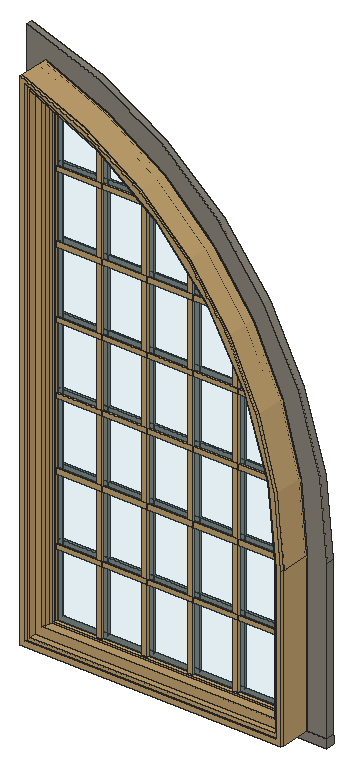
Revit family
Parameters (values of type "CUCART23")
  Window Type = "Clad Ultimate Casement Round Top RT23"
  Void Offset 2 = if(Subsill Visibility, 0' 0", 0' 9")  # 0' - 0"
  Void Offset = if(Casing Visibility, 0' 0", 0' 9")  # 0' - 0"
  URL = "www.marvin.com"
  Subsill Height_2 = if(Subsill A217, 0' 1 11/32", 0' 0 9/16")  # 0' - 1 11/32"
  Subsill Height = if(Subsill A217 Visibility, 0' 1 11/32", if(Subsill A246 Visibility, 0' 0 9/16", 0' 0"))  # 0' - 1 11/32"
  Subsill A246 Visibility = and(Subsill Visibility, Subsill A246)  # no
  Subsill A217 Visibility = and(Subsill Visibility, Subsill A217)  # yes
  Springline Constraint = if(Height - Springline < Width + 0' 2", Height - Width - 0' 2", if(Springline < 0' 4", 0' 4", Springline))  # 2' - 0"
  Plan Swing Angle [instance] = 15.00°
  Muntins Interior Visibility = yes
  Muntins Interior Material = Wood-Marvin-Pine
  Muntins Exterior Visibility = yes
  Muntins Exterior Material = Aluminum-Marvin-Bronze
  Mask Offset [instance] = if(Inset to Installation Flange = 0' 1 3/32", 0' 0 1/32", 0' 0")  # 0' - 0"
  Lites Wide = 5
  Lites High = 7
  Interior Material = Wood-Marvin-Pine
  Frame = "Aluminum Clad"
  Flat Casing Visibility = and(Casing Visibility, Flat Casing)  # yes
  Egress Window = ""
  Design Pressure = "DP50"
  Cladding Material = Aluminum-Marvin-Bronze
  Casing Width_2 = if(BMC, 0' 1 5/16", 0' 3")  # 0' - 3"
  Casing Visibility = yes
  Subsill Visibility = yes
  BMC Visibility = and(Casing Visibility, BMC)  # no
  BMC = no
  Flat Casing = not(BMC)  # yes
  Subsill A246 = no
  Subsill A217 = not(Subsill A246)  # yes
  Plan Swing Visibility [instance] = yes
  Glazing Material = Glass-Marvin-IG Low E II with Argon
  Springline = 2' - 0"
  Nominal Width = 3' - 4"
  Nominal Height = 6' - 6"
  Model = "CUCART23"
  Mask [instance] = Inset to Installation Flange > 0' 1 3/32"  # no
  Manufacturer = "Marvin Windows and Doors"
  Label Visibility = no
  Glass Type = "IG Low E II with Argon"
  Family created by = "www.rbuiltcomponents.com"
  Rough Width = Width + 0' 1"  # 3' - 5"
  Rough Height = Height + 0' 0 1/2"  # 6' - 6 1/2"
  Jamb Extension Visibility = yes
  Inset to Installation Flange [instance] = 0' - 1"
  Height = Nominal Height  # 6' - 6"
  Elev Swing Visibility [instance] = yes
  Description = "CSMT RT23"
  Default Head Height = 8' - 0"
  Wall Closure = (empty or 0)
  Width = if(Nominal Width > Nominal Height - 0' 6", Nominal Height - 0' 6", Nominal Width)  # 3' - 4"
  DLO Width = Width - 0' 5 13/16"  # 2' - 10 3/16"
  DLO Height = Height - 0' 5 13/16"  # 6' - 0 3/16"
  Casing Width = if(BMC Visibility, 0' 1 5/16", if(Flat Casing Visibility, 0' 3", 0' 0"))  # 0' - 3"
  Assembly Code = ""
Reference planes (in)
  plane 1 "Center (Front/Back)": y = 0
  plane 2: z = 0
  plane 3 "Center (Left/Right)": x = -3
  plane 4 "Left": x = -23
  plane 5 "Right": x = 17
  plane 6 "Sill": z = 18
  plane 7 "Top": z = 96
  plane 8 "Inset": y = 2
  plane 9 "Glazing": y = 1.53125
  plane 10 "Jamb Ext Face": y = -2.5625
  plane 11: z = 57
  plane 12: z = 42
  plane 13: y = -2.59375
Forms (in)
  Sweep 1, solid, material "Wood-Marvin-Pine" <- "Interior Material"
    path origin (0, 2, 0) x (1, 0, 0) y (0, 0, 1)
      loop
        line (-23, 96) -> (-23, 18) -> (17, 18) -> (17, 42)
        arc (17, 42) -> (5.9108, 75.6006) -> (-23, 96) r 56.45
    profile "Profile_Ext_Clad_Frame : Profile_Ext_Clad_Frame" origin (-23, 2, 57) x (1, 0, 0) y (0, -1, 0)
      loop
        line (0, 4.56199) -> (0, 0.0625) -> (0.0625, 0.0625) -> (0.0625, 0) -> (0, 0) -> (0, -1.09401) -> (0.52105, -1.09401) -> (0.6063, 0.125) -> (2.696, 0.125) -> (2.696, 0.22017) -> (2.90625, 0.43042) -> (2.90625, 0.47297) -> (2.208, 0.47297) -> (2.208, 1.50299) -> (2.90625, 1.50299) -> (2.90625, 1.66374) -> (2.677, 1.89299) -> (2.677, 2) -> (2.5005, 2) -> (2.5005, 2.34399) -> (2.313, 2.34399) -> (2.313, 2.87449) -> (2.1255, 2.87449) -> (2.1255, 3.53074) -> (1.188, 3.53074) -> (1.188, 4.56199) -> (0, 4.56199)
  Extrusion 2, solid, material "Glass-Marvin-IG Low E II with Argon" <- "Glazing Material"
    sketch origin (0, 1.53125, 0) x (1, 0, 0) y (0, 0, 1)
      loop
        line (17, 18) -> (17, 42)
        arc (17, 42) -> (5.9108, 75.6006) -> (-23, 96) r 56.45
        line (-23, 96) -> (-23, 18) -> (17, 18)
    from 0 to 1.03424
  Extrusion 3, void
    sketch origin (0, 0, 0) x (1, 0, 0) y (0, 0, 1)
      loop
        line (17, 18) -> (17, 42)
        arc (17, 42) -> (5.9108, 75.6006) -> (-23, 96) r 56.45
        line (-23, 96) -> (-23, 18) -> (17, 18)
    from -3 to 3
  Sweep 4, solid, material "Aluminum-Marvin-Bronze" <- "Cladding Material", visible <- "BMC Visibility"
    path origin (0, 2, 0) x (1, 0, 0) y (0, 0, 1)
      loop
        line (17, 18) -> (17, 42)
        arc (17, 42) -> (5.9108, 75.6006) -> (-23, 96) r 56.45
        line (-23, 96) -> (-23, 18)
    profile "BMC_Clad : BMC_Clad" origin (-23, 2, 57) x (1, 0, 0) y (0, -1, 0)
      loop
        line (-0.71589, -1.25) -> (-0.38081, -1.09375) -> (0, -1.09375) -> (0, 0) -> (-1.3125, 0) -> (-1.3125, -1.25) -> (-0.71589, -1.25)
  Sweep 5, solid, material "Aluminum-Marvin-Bronze" <- "Cladding Material", visible <- "Flat Casing Visibility"
    path origin (0, 2, 0) x (1, 0, 0) y (0, 0, 1)
      loop
        line (-23, 18) -> (-23, 96)
        arc (-23, 96) -> (5.9108, 75.6006) -> (17, 42) r 56.45
        line (17, 42) -> (17, 18)
    profile "Flat_Casing_Clad : Flat_Casing_Clad" origin (17, 2, 30) x (1, 0, 0) y (0, -1, 0)
      loop
        line (3, -1.09375) -> (3, 0) -> (0, 0) -> (0, -1.09375) -> (3, -1.09375)
  Sweep 6, solid, material "Aluminum-Marvin-Bronze" <- "Cladding Material", visible <- "Subsill Visibility"
    path origin (0, 2, 0) x (1, 0, 0) y (0, 0, 1)
      loop
        line (20, 18) -> (-26, 18)
    profile origin (-3, 2, 18) x (0, 0, -1) y (0, -1, 0)
      loop
        line (0, 0) -> (0, -1.09401) -> (0.15265, -1.09401) -> (0.1875, -1.34375) -> (1.34375, -1.34375) -> (1.34375, 0) -> (0, 0)
  Extrusion 7, solid, material "Wood-Marvin-Pine" <- "Interior Material", visible <- "Jamb Extension Visibility"
    sketch origin (0, -2.5625, 0) x (1, 0, 0) y (0, 0, 1)
      loop
        line (-23, 18) -> (17, 18) -> (17, 42)
        arc (17, 42) -> (5.9108, 75.6006) -> (-23, 96) r 56.45
        line (-23, 96) -> (-23, 18)
      loop
        arc (16.3125, 42) -> (5.64144, 74.91699) -> (-22.3125, 95.3125) r 56.10503
        line (-22.3125, 95.3125) -> (-22.3125, 18.6875) -> (16.3125, 18.6875) -> (16.3125, 42)
    from 0.4375 to 0.03125
  Sweep 8, solid, material "Wood-Marvin-Pine" <- "Interior Material"
    path in 3D
      loop
        line (-20.8745, -1.53074, 20.1255) -> (14.8745, -1.53074, 20.1255)
    profile "Profile_Sill_Close : Profile_Sill_Close" origin (-3, -1.53074, 20.1255) x (0, 1, 0) y (0, 0, 1)
      loop
        line (0, 0) -> (0.65625, 0) -> (0.65625, 0.1875) -> (1.18675, 0.1875) -> (1.18675, 0.375) -> (0, 0.375) -> (0, 0)
  Sweep 9, void
    path origin (0, 2, 0) x (1, 0, 0) y (0, 0, 1)
      loop
        line (-23, 18) -> (-23, 96)
        arc (-23, 96) -> (5.9108, 75.6006) -> (17, 42) r 56.45
        line (17, 42) -> (17, 18)
    profile origin (17, 2, 30) x (0, -1, 0) y (1, 0, 0)
      loop
        line (0, 0) -> (0, 3) -> (-13, 3) -> (-13, 0) -> (0, 0)
  Sweep 10, void
    path origin (0, 2, 0) x (1, 0, 0) y (0, 0, 1)
      loop
        line (-26, 18) -> (20, 18)
    profile origin (-3, 2, 18) x (0, 0, 1) y (0, -1, 0)
      loop
        line (0, 0) -> (-1.34375, 0) -> (-1.34375, -12) -> (0, -12) -> (0, 0)
Cuts and joins
  joined: Sweep 1, Sweep 8
Lines and regions (in)
  Masking region 1
    outline origin (0, 0, 18) x (0, -1, 0) y (1, 0, 0)
      loop
        line (-3.09401, -23) -> (2.5625, -23) -> (2.5625, 17) -> (-3.09401, 17) -> (-3.09401, -23)
  Masking region 2
    outline origin (-3, 0, 0) x (0, 1, 0) y (0, 0, 1)
      loop
        line (3.09375, 96) -> (-2.5625, 96) -> (-2.5625, 18) -> (3.09375, 18) -> (3.09375, 96)
  Masking region 3, visible <- "Mask"
    outline origin (0, 0, 18) x (0, -1, 0) y (1, 0, 0)
      loop
        line (-3.09401, -26) -> (-3, -26) -> (-3, 20) -> (-3.09401, 20) -> (-3.09401, -26)
  Masking region 4, visible <- "Mask"
    outline origin (-3, 0, 0) x (0, 1, 0) y (0, 0, 1)
      loop
        line (3.09375, 99) -> (3, 99) -> (3, 16.65625) -> (3.09375, 16.65625) -> (3.09375, 99)
  Masking region 5, visible <- "Casing Visibility"
    outline origin (0, 0, 18) x (0, -1, 0) y (1, 0, 0)
      loop
        line (-3.09401, -26) -> (-2, -26) -> (-2, -23) -> (-3.09401, -23) -> (-3.09401, -26)
      loop
        line (-3.09401, 17) -> (-2, 17) -> (-2, 20) -> (-3.09401, 20) -> (-3.09401, 17)
  Masking region 6, visible <- "Subsill Visibility"
    outline origin (-3, 0, 0) x (0, 1, 0) y (0, 0, 1)
      loop
        line (3.34375, 16.65625) -> (3.34375, 17.8125) -> (3.09401, 17.84735) -> (3.09401, 18) -> (2, 18) -> (2, 16.65625) -> (3.34375, 16.65625)
  Masking region 7, visible <- "Casing Visibility"
    outline origin (-3, 0, 0) x (0, 1, 0) y (0, 0, 1)
      loop
        line (3.09375, 99) -> (2, 99) -> (2, 96) -> (3.09375, 96) -> (3.09375, 99)
  Masking region 8
    outline origin (0, 0, 18) x (0, -1, 0) y (1, 0, 0)
      loop
        line (2.59375, -23) -> (3, -23) -> (3, 17) -> (2.59375, 17) -> (2.59375, -23)
  Masking region 9
    outline origin (-3, 0, 0) x (0, 1, 0) y (0, 0, 1)
      loop
        line (-2.59375, 96) -> (-3, 96) -> (-3, 18) -> (-2.59375, 18) -> (-2.59375, 96)
  symbolic lines, style "Jamb Extension", visible <- "Jamb Extension Visibility", detail levels fine
    curve 1: line (-3, -3, 95.3125) -> (-3, -2.59375, 95.3125)
    curve 2: line (-3, -3, 18.6875) -> (-3, -2.59375, 18.6875)
    curve 49: line (-22.3125, -2.59375, 18) -> (-22.3125, -3, 18)
    curve 50: line (16.3125, -3, 18) -> (16.3125, -2.59375, 18)
    curve 51: line (17, -3, 18) -> (16.3125, -3, 18)
    curve 52: line (-22.3125, -3, 18) -> (-23, -3, 18)
  symbolic lines, style "WindowsFrameMullionProjection", detail levels coarse+medium
    curve 3: line (17, -2.5625, 18) -> (15.812, -2.5625, 18)
    curve 4: line (15.812, -2.5625, 18) -> (15.812, 3.09401, 18)
    curve 5: line (15.812, 3.09401, 18) -> (17, 3.09401, 18)
    curve 6: line (15.812, 1.875, 18) -> (14.09375, 1.875, 18)
    curve 7: line (14.09375, 1.875, 18) -> (14.09375, 0, 18)
    curve 8: line (-21.812, 0, 18) -> (-20.09375, 0, 18)
    curve 9: line (-23, -2.5625, 18) -> (-21.812, -2.5625, 18)
    curve 10: line (-21.812, -2.5625, 18) -> (-21.812, 3.09401, 18)
    curve 11: line (-21.812, 3.09401, 18) -> (-23, 3.09401, 18)
    curve 12: line (-20.09375, 1.875, 18) -> (-20.09375, 0, 18)
    curve 13: line (-3, 3.09401, 96) -> (-3, 3.09401, 94.812)
    curve 14: line (-3, 3.09401, 94.812) -> (-3, -2.5625, 94.812)
    curve 15: line (-3, -2.5625, 94.812) -> (-3, -2.5625, 96)
    curve 16: line (-3, 1.875, 94.812) -> (-3, 1.875, 93.09375)
    curve 17: line (-3, 1.875, 93.09375) -> (-3, 0, 93.09375)
    curve 18: line (-3, 0, 19.188) -> (-3, 0, 20.90625)
    curve 19: line (-3, 3.09401, 18) -> (-3, 3.09401, 19.188)
    curve 20: line (-3, 3.09401, 19.188) -> (-3, -2.5625, 19.188)
    curve 21: line (-3, -2.5625, 19.188) -> (-3, -2.5625, 18)
    curve 22: line (-3, 1.875, 20.90625) -> (-3, 0, 20.90625)
    curve 23: line (14.09375, 1.875, 18) -> (-20.09375, 1.875, 18)
    curve 24: line (14.09375, 0, 18) -> (15.812, 0, 18)
    curve 25: line (-20.09375, 1.875, 18) -> (-21.812, 1.875, 18)
    curve 26: line (-3, 0, 20.90625) -> (-3, 0, 93.09375)
    curve 27: line (-3, 1.875, 20.90625) -> (-3, 1.875, 19.188)
    curve 28: line (-3, 0, 93.09375) -> (-3, 0, 94.812)
    curve 29: line (-3, 1.875, 93.09375) -> (-3, 1.875, 20.90625)
    curve 38: line (-20.09375, 0, 18) -> (14.09375, 0, 18)
    curve 73: line (-3, -3, 96) -> (-3, 3.09375, 96)
    curve 84: line (-23, 3.09375, 18) -> (-23, -3, 18)
    curve 85: line (17, -3, 18) -> (17, 3.09375, 18)
  symbolic lines, style "WindowsFrameMullionProjection"
    curve 30: line (-3, -2.5625, 19.188) -> (-3, -2.5625, 95.3125)
  symbolic lines, style "Jamb Extension", visible <- "Jamb Extension Visibility"
    curve 31: line (-3, -3, 18.6875) -> (-3, -3, 18)
    curve 32: line (-3, -3, 95.3125) -> (-3, -3, 96)
  symbolic lines, style "WindowsFrameMullionProjection", visible <- "Jamb Extension Visibility", detail levels coarse+medium
    curve 33: line (-3, -2.59375, 95.3125) -> (-3, -3, 95.3125)
    curve 34: line (-3, -3, 95.3125) -> (-3, -3, 96)
    curve 35: line (-3, -2.59375, 18.6875) -> (-3, -3, 18.6875)
    curve 36: line (-3, -3, 18.6875) -> (-3, -3, 18)
    curve 53: line (-22.3125, -2.59375, 18) -> (-22.3125, -3, 18)
    curve 54: line (-23, -3, 18) -> (-22.3125, -3, 18)
    curve 55: line (16.3125, -3, 18) -> (16.3125, -2.59375, 18)
    curve 56: line (16.3125, -3, 18) -> (17, -3, 18)
  symbolic lines, style "WindowsGlassProjection", detail levels coarse+medium
    curve 37: line (-20.09375, 0.9375, 18) -> (14.09375, 0.9375, 18)
    curve 69: line (-3, 0.9375, 20.90625) -> (-3, 0.9375, 93.09375)
  symbolic lines, style "Jamb Extension", visible <- "BMC Visibility", detail levels fine
    curve 39: line (-24.3125, 3.25, 18) -> (-23.71589, 3.25, 18)
    curve 40: line (-23.71589, 3.25, 18) -> (-23.38081, 3.09375, 18)
    curve 41: line (-24.3125, 3.09401, 18) -> (-24.3125, 3.25, 18)
    curve 42: line (17.71589, 3.25, 18) -> (18.3125, 3.25, 18)
    curve 43: line (17.38081, 3.09375, 18) -> (17.71589, 3.25, 18)
    curve 44: line (18.3125, 3.25, 18) -> (18.3125, 3.09401, 18)
    curve 45: line (-23.38081, 3.09375, 18) -> (-23, 3.09375, 18)
    curve 46: line (17.38081, 3.09375, 18) -> (17, 3.09375, 18)
    curve 75: line (-3, 3.25, 96.65144) -> (-3, 3.25, 99)
    curve 76: line (-3, 3.09375, 96) -> (-3, 3.09375, 96.38081)
    curve 77: line (-3, 3.09375, 96.38081) -> (-3, 3.25, 96.65144)
    curve 78: line (-3, 3.25, 99) -> (-3, 3.09375, 99)
  symbolic lines, style "Jamb Extension", visible <- "Flat Casing Visibility", detail levels fine
    curve 47: line (-23, 3.09401, 18) -> (-26, 3.09401, 18)
    curve 48: line (20, 3.09401, 18) -> (17, 3.09401, 18)
    curve 82: line (-3, 3.09375, 96) -> (-3, 3.09375, 99)
    curve 83: line (-3, 3.09375, 99) -> (-3, 2, 99)
  symbolic lines, style "WindowsFrameMullionProjection", visible <- "BMC Visibility", detail levels coarse+medium
    curve 57: line (-24.3125, 2, 18) -> (-24.3125, 3.25, 18)
    curve 58: line (-24.3125, 3.25, 18) -> (-23.71589, 3.25, 18)
    curve 59: line (-23.71589, 3.25, 18) -> (-23.38081, 3.09375, 18)
    curve 60: line (-23.38081, 3.09375, 18) -> (-23, 3.09375, 18)
    curve 61: line (18.3125, 3.25, 18) -> (18.3125, 2, 18)
    curve 62: line (17.38081, 3.09375, 18) -> (17.71589, 3.25, 18)
    curve 63: line (17.71589, 3.25, 18) -> (18.3125, 3.25, 18)
    curve 64: line (17, 3.09375, 18) -> (17.38081, 3.09375, 18)
    curve 70: line (-3, 3.25, 96.65144) -> (-3, 3.25, 99)
    curve 71: line (-3, 3.09375, 96) -> (-3, 3.09375, 96.38081)
    curve 72: line (-3, 3.09375, 96.38081) -> (-3, 3.25, 96.65144)
    curve 74: line (-3, 3.25, 99) -> (-3, 2, 99)
  symbolic lines, style "WindowsFrameMullionProjection", visible <- "Flat Casing Visibility", detail levels coarse+medium
    curve 65: line (20, 3.09401, 18) -> (17, 3.09401, 18)
    curve 66: line (20, 3.09401, 18) -> (20, 2, 18)
    curve 67: line (-26, 2, 18) -> (-26, 3.09401, 18)
    curve 68: line (-23, 3.09401, 18) -> (-26, 3.09401, 18)
    curve 80: line (-3, 3.09375, 96) -> (-3, 3.09375, 99)
    curve 81: line (-3, 3.09375, 99) -> (-3, 2, 99)
  symbolic lines, style "WindowsFrameMullionProjection", visible <- "Casing Visibility", detail levels coarse+medium
    curve 79: line (-3, 2, 99) -> (-3, 2, 96)
  symbolic lines, style "WindowsFrameMullionProjection", visible <- "Subsill Visibility", detail levels coarse+medium
    curve 86: line (-3, 3.09401, 17.84735) -> (-3, 3.09401, 18)
    curve 87: line (-3, 3.34375, 17.8125) -> (-3, 3.09401, 17.84735)
    curve 88: line (-3, 3.34375, 16.65625) -> (-3, 3.34375, 17.8125)
    curve 89: line (-3, 2, 16.65625) -> (-3, 3.34375, 16.65625)
  sketch lines
    curve 90: line (-20.8745, -1.53074, 20.1255) -> (14.8745, -1.53074, 20.1255)
  reference lines
    curve 91: line (17, 2, 42) -> (-23, 2, 96)
    curve 92: line (17, 2, 42) -> (17, 2, 38)
    curve 93: arc (-23, 2, 96) -> (5.9108, 2, 75.6006) -> (17, 2, 42) r 56.45
    curve 94: line (-3, 2, 69) -> (5.9108, 2, 75.6006)
  symbolic lines, style "Elevation Swing", visible <- "Elev Swing Visibility"
    curve 95: line (-22.3937, 2, 57) -> (5.9108, 2, 75.6006)
    curve 96: line (-22.3937, 2, 57) -> (16.47895, 2, 18.52105)
Text (in)
  text "EXTERIOR" at (-58.6888, 50.90694, 0), in view "Ref. Level"
  text "INTERIOR" at (-58.6888, -37.76638, 0), in view "Ref. Level"
  text "Exterior" at (0, 43.65631, 123.19604), in view "Left"
  text "Exterior" at (0, 18.29385, 125.04747), in view "Right"
Dimensions and locks (in)
  equal spacing: plane 4 "Left", plane 3 "Center (Left/Right)", plane 5 "Right"
  "Width": plane 4 "Left" to plane 5 "Right"
  "Height": plane 6 "Sill" to plane 7 "Top"
  "Inset to Installation Flange": host wall to plane 8 "Inset"
  locked: plane 9 "Glazing" to plane 8 "Inset" at 0.46875
  locked: plane 10 "Jamb Ext Face" to plane 8 "Inset" at 4.5625
  "Default Head Height": plane 2 to plane 7 "Top"
  locked: nested 2 to host wall at 12.00106
  locked: plane 9 "Glazing" to Extrusion 2 at 1.03424
  locked: curve 33 to plane 7 "Top" at 0.6875
  locked: plane 6 "Sill" to curve 35 at 0.6875
  equal spacing: plane 6 "Sill", plane 11, plane 7 "Top"
  "Casing Width": plane 5 "Right" to Sweep 6 sketch curve
  "Casing Width": Sweep 6 sketch curve to plane 4 "Left"
  locked: Sweep 6 sketch curve to Sweep 6 sketch curve at 1.34375
  "Subsill Height_2": Sweep 6 sketch curve to plane 6 "Sill"
  locked: plane 4 "Left" to Extrusion 7 sketch curve at 0.6875
  locked: Extrusion 7 sketch curve to plane 5 "Right" at 0.6875
  locked: Extrusion 7 sketch curve to plane 6 "Sill" at 0.6875
  "Casing Width": Masking region 3 sketch curve to plane 4 "Left"
  "Casing Width": plane 5 "Right" to Masking region 3 sketch curve
  "Casing Width_2": Masking region 5 sketch curve to plane 4 "Left"
  "Casing Width_2": plane 5 "Right" to Masking region 5 sketch curve
  "Subsill Height": Masking region 4 sketch curve to plane 6 "Sill"
  "Casing Width": plane 7 "Top" to Masking region 4 sketch curve
  "Casing Width_2": plane 7 "Top" to Masking region 7 sketch curve
  locked: nested 5 to plane 9 "Glazing" at 1.03125
  "Springline Constraint": plane 6 "Sill" to plane 12
  "Casing Width_2": plane 5 "Right" to Sweep 9 sketch curve
  "Void Offset": plane 8 "Inset" to Sweep 9 sketch curve
  locked: Sweep 9 sketch curve to host wall at 12
  "Casing Width": Sweep 10 sketch curve to plane 4 "Left"
  "Casing Width": plane 5 "Right" to Sweep 10 sketch curve
  locked: Sweep 10 sketch curve to plane 8 "Inset" at 12
  "Void Offset 2": Sweep 10 sketch curve to plane 8 "Inset"
  "Subsill Height_2": Sweep 10 sketch curve to plane 6 "Sill"
  curve 94 to curve 95 = 0' - 0"
  locked: plane 13 to plane 10 "Jamb Ext Face" at 0.03125
  "Mask Offset": Masking region 3 sketch curve to host wall
  "Mask Offset": Masking region 4 sketch curve to host wall
  aligned and locked: nested 1 to plane 3 "Center (Left/Right)"
  aligned and locked: plane 8 "Inset" to nested 1
  aligned and locked: Sweep 1 sketch curve to plane 6 "Sill"
  aligned and locked: plane 5 "Right" to Sweep 1 sketch curve  (x2)
  aligned and locked: plane 5 "Right" to Masking region 1 sketch curve
  aligned and locked: Masking region 1 sketch curve to plane 4 "Left"
  aligned and locked: plane 7 "Top" to Masking region 2 sketch curve
  aligned and locked: Masking region 2 sketch curve to plane 6 "Sill"
  aligned and locked: plane 3 "Center (Left/Right)" to nested 2
  aligned and locked: curve 21 to plane 10 "Jamb Ext Face"
  aligned and locked: curve 20 to curve 30
  aligned and locked: plane 6 "Sill" to curve 31
  aligned and locked: curve 31 to host wall
  aligned and locked: host wall to curve 34
  aligned and locked: plane 6 "Sill" to curve 36
  aligned and locked: Extrusion 2 to plane 9 "Glazing"
  aligned and locked: plane 9 "Glazing" to Extrusion 2
  aligned and locked: nested 3 to plane 6 "Sill"
  aligned and locked: curve 14 to nested 3
  aligned and locked: curve 13 to nested 3
  aligned and locked: curve 16 to nested 3
  aligned and locked: curve 28 to nested 3
  aligned and locked: curve 17 to nested 3
  aligned and locked: curve 19 to nested 3
  aligned and locked: curve 20 to nested 3
  aligned and locked: curve 22 to nested 3
  aligned and locked: curve 27 to nested 3
  aligned and locked: nested 3 to curve 18
  aligned and locked: host wall to Extrusion 3  (x2)
  aligned and locked: plane 5 "Right" to Extrusion 3 sketch curve  (x2)
  aligned and locked: Extrusion 3 sketch curve to plane 6 "Sill"
  aligned and locked: Extrusion 3 sketch curve to plane 4 "Left"
  aligned and locked: plane 5 "Right" to Sweep 4 sketch curve  (x2)
  aligned and locked: Sweep 4 sketch curve to plane 4 "Left"
  aligned and locked: plane 6 "Sill" to Sweep 4 sketch curve  (x2)
  aligned and locked: plane 6 "Sill" to Sweep 5 sketch curve  (x2)
  aligned and locked: Sweep 5 sketch curve to plane 4 "Left"
  aligned and locked: plane 6 "Sill" to Sweep 6 sketch curve  (x2)
  aligned and locked: Sweep 6 sketch curve to plane 8 "Inset"
  aligned and locked: Extrusion 7 sketch curve to plane 4 "Left"
  aligned and locked: Extrusion 7 sketch curve to plane 6 "Sill"
  aligned and locked: plane 5 "Right" to Extrusion 7 sketch curve
  aligned and locked: host wall to Extrusion 7
  aligned and locked: Masking region 3 sketch curve to Sweep 1
  aligned and locked: Masking region 1 sketch curve to Sweep 1
  aligned and locked: plane 4 "Left" to Masking region 5 sketch curve
  aligned and locked: Masking region 5 sketch curve to Sweep 1  (x2)
  aligned and locked: Masking region 5 sketch curve to plane 8 "Inset"  (x2)
  aligned and locked: Masking region 5 sketch curve to plane 5 "Right"
  aligned and locked: curve 7 to curve 37
  aligned and locked: curve 12 to curve 38
  aligned and locked: curve 8 to curve 38
  aligned and locked: curve 39 to Sweep 4
  aligned and locked: Sweep 4 to curve 40
  aligned and locked: Sweep 4 to curve 41
  aligned and locked: Sweep 1 to curve 41
  aligned and locked: curve 43 to Sweep 4
  aligned and locked: curve 44 to Sweep 1
  aligned and locked: curve 46 to Sweep 4
  aligned and locked: plane 5 "Right" to curve 46
  aligned and locked: curve 47 to Masking region 5
  aligned and locked: curve 49 to Extrusion 7
  aligned and locked: curve 51 to Extrusion 7
  aligned and locked: Extrusion 7 to curve 53  (x2)
  aligned and locked: curve 55 to Extrusion 7
  aligned and locked: curve 57 to Sweep 4
  aligned and locked: curve 60 to Sweep 4
  aligned and locked: curve 61 to Sweep 4
  aligned and locked: curve 65 to Masking region 5
  aligned and locked: curve 66 to Sweep 5
  aligned and locked: curve 67 to Sweep 5
  aligned and locked: Masking region 2 sketch curve to Sweep 5
  aligned and locked: nested 3 to plane 8 "Inset"
  aligned and locked: Masking region 4 sketch curve to Sweep 5
  aligned and locked: Masking region 6 sketch curve to Sweep 6  (x6)
  aligned and locked: Masking region 7 sketch curve to plane 7 "Top"
  aligned and locked: Masking region 7 sketch curve to plane 8 "Inset"
  aligned and locked: Masking region 7 sketch curve to Sweep 5
  aligned and locked: Sweep 4 to curve 71
  aligned and locked: curve 73 to nested 3
  aligned and locked: curve 74 to Masking region 7
  aligned and locked: Sweep 4 to curve 75
  aligned and locked: curve 79 to Sweep 4
  aligned and locked: curve 83 to Masking region 7
  aligned and locked: curve 84 to Sweep 5
  aligned and locked: curve 85 to Sweep 5
  aligned and locked: plane 11 to nested 4
  aligned and locked: nested 5 to plane 11
  aligned and locked: nested 4 to plane 3 "Center (Left/Right)"
  aligned and locked: plane 3 "Center (Left/Right)" to nested 5
  aligned and locked: plane 9 "Glazing" to nested 4
  aligned and locked: curve 86 to Sweep 6
  aligned and locked: curve 87 to Sweep 6
  aligned and locked: curve 88 to Sweep 6
  aligned and locked: curve 89 to Sweep 6
  aligned and locked: curve 25 to nested 1
  aligned and locked: curve 6 to nested 1
  aligned and locked: plane 12 to Extrusion 3 sketch curve  (x2)
  aligned and locked: plane 12 to Sweep 1 sketch curve
  aligned and locked: plane 7 "Top" to Sweep 1 sketch curve
  aligned and locked: plane 4 "Left" to Sweep 1 sketch curve
  aligned and locked: plane 12 to Extrusion 7 sketch curve  (x2)
  aligned and locked: plane 7 "Top" to Extrusion 7 sketch curve
  aligned and locked: plane 4 "Left" to Extrusion 7 sketch curve
  aligned and locked: Extrusion 7 sketch curve to Extrusion 7 sketch curve
  aligned and locked: plane 12 to Sweep 5 sketch curve
  aligned and locked: plane 5 "Right" to Sweep 5 sketch curve
  aligned and locked: plane 7 "Top" to Sweep 5 sketch curve
  aligned and locked: plane 12 to Sweep 4 sketch curve
  aligned and locked: plane 7 "Top" to Sweep 4 sketch curve
  aligned and locked: plane 7 "Top" to Extrusion 3 sketch curve
  aligned and locked: plane 6 "Sill" to Sweep 9 sketch curve  (x2)
  aligned and locked: plane 12 to Sweep 9 sketch curve
  aligned and locked: plane 5 "Right" to Sweep 9 sketch curve  (x2)
  aligned and locked: plane 4 "Left" to Sweep 9 sketch curve
  aligned and locked: plane 7 "Top" to Sweep 9 sketch curve
  aligned and locked: Sweep 10 sketch curve to plane 6 "Sill"  (x2)
  aligned and locked: curve 8 to cut or joined group of Sweep 1, Sweep 8
  aligned and locked: cut or joined group of Sweep 1, Sweep 8 to curve 24
  aligned and locked: Extrusion 2 sketch curve to plane 6 "Sill"
  aligned and locked: plane 5 "Right" to Extrusion 2 sketch curve
  aligned and locked: Extrusion 2 sketch curve to plane 4 "Left"
  aligned and locked: plane 12 to Extrusion 2 sketch curve
  aligned and locked: plane 7 "Top" to Extrusion 2 sketch curve
  aligned and locked: plane 4 "Left" to curve 91
  aligned and locked: plane 5 "Right" to curve 91
  aligned and locked: plane 12 to curve 92
  aligned and locked: plane 7 "Top" to curve 93
  aligned and locked: plane 11 to curve 95
  aligned and locked: cut or joined group of Sweep 1, Sweep 8 to curve 96
  aligned and locked: curve 95 to curve 94
  aligned and locked: host wall to curve 84
  aligned and locked: Extrusion 7 to curve 55
  aligned and locked: Extrusion 7 to curve 50
  aligned and locked: Masking region 1 sketch curve to plane 10 "Jamb Ext Face"
  aligned and locked: Masking region 8 sketch curve to plane 4 "Left"
  aligned and locked: plane 5 "Right" to Masking region 8 sketch curve
  aligned and locked: plane 13 to Masking region 8 sketch curve
  aligned and locked: Masking region 8 sketch curve to host wall
  aligned and locked: Extrusion 7 to curve 2
  aligned and locked: Extrusion 7 to curve 35
  aligned and locked: Extrusion 7 to curve 33
  aligned and locked: Extrusion 7 to curve 1
  aligned and locked: Extrusion 7 to plane 13
  aligned and locked: Masking region 2 sketch curve to plane 10 "Jamb Ext Face"
  aligned and locked: plane 7 "Top" to Masking region 9 sketch curve
  aligned and locked: Masking region 9 sketch curve to plane 6 "Sill"
  aligned and locked: plane 13 to Masking region 9 sketch curve
  aligned and locked: Masking region 9 sketch curve to host wall
Automatic sketch dimensions
  Sweep 6 sketch curve to Sweep 6 sketch curve = 0' - 0.15265"
  Sweep 6 sketch curve to Sweep 6 sketch curve = 0' - 0.03485"
  Sweep 6 sketch curve to Sweep 6 sketch curve = 0' - 0.24974"
  Extrusion 7 sketch curve to Extrusion 7 sketch curve = 0' - 0.34253"
  curve 94 to plane 3 "Center (Left/Right)" = 0' - 0"
  plane 12 to curve 92 = 0' - 4"
  curve 96 to plane 4 "Left" = 0' - 0.6063"
  plane 5 "Right" to curve 96 = 0' - 0.52105"
  curve 57 to plane 8 "Inset" = 0' - 0"
  curve 66 to plane 8 "Inset" = 0' - 0"
  curve 67 to plane 8 "Inset" = 0' - 0"
  curve 61 to plane 8 "Inset" = 0' - 0"
  curve 3 to plane 10 "Jamb Ext Face" = 0' - 0"
  curve 9 to plane 10 "Jamb Ext Face" = 0' - 0"
  curve 11 to plane 4 "Left" = 0' - 0"
  curve 5 to plane 5 "Right" = 0' - 0"
  curve 42 to curve 43 = 0' - 0 5/32"
  plane 9 "Glazing" to curve 37 = 0' - 0 19/32"
  curve 49 to curve 53 = 0' - 0"
  curve 49 to curve 9 = 0' - 0.5005"
  curve 25 to curve 12 = 0' - 1.71825"
  plane 5 "Right" to curve 38 = 0' - 2 29/32"
  curve 4 to curve 5 = 0' - 1.188"
  curve 14 to plane 10 "Jamb Ext Face" = 0' - 0"
  curve 89 to plane 8 "Inset" = 0' - 0"
  curve 21 to plane 6 "Sill" = 0' - 0"
  curve 86 to plane 6 "Sill" = 0' - 0"
  curve 13 to plane 7 "Top" = 0' - 0"
  curve 79 to plane 7 "Top" = 0' - 0"
  plane 9 "Glazing" to curve 69 = 0' - 0 19/32"
  curve 30 to curve 1 = 0' - 0"
  curve 71 to curve 72 = 0' - 0.38081"
  curve 71 to curve 70 = 0' - 0.27063"
Nested families (in)
  nested 1: "Roundtop_Plan_Detail" at (-3, 2, 18) x (-1, 0, 0) z (0, 0, -1), type "Roundtop_Plan_Detail"
    with Width 3' - 4", Plan Swing RH no, Plan Swing Length 3' - 1 5/8"
  nested 2: "Label Annotation 1-16 w4" at (-3, 15.00106, 0), visible <- "Label Visibility", type "Label Annotation 1-16 w4"
    with Nominal Width 3' - 4", Nominal Height 6' - 6"
  nested 3: "Roundtop_Section_Detail" at (-3, 2, 18) x (0, -1, 0) z (1, 0, 0), type "Roundtop_Section_Detail", detail levels fine
    with Height 6' - 6"
  nested 4: "Muntins" at (-3, 1.53125, -15.09375), Muntin Material <- "Muntins Exterior Material", visible <- "Muntins Exterior Visibility", type "Muntins"
    with Muntin Material Aluminum-Marvin-Bronze
  nested 5: "Muntins" at (-3, 0.5, -15.09375), Muntin Material <- "Muntins Interior Material", visible <- "Muntins Interior Visibility", type "Muntins"
    with Muntin Material Wood-Marvin-Pine
Definition of nested family "Muntins"
  Parameters (values of type "Muntins")
    Springline 2 = 2' - 0"
    GlazingWidth = 2' - 10 3/16"
    GlazingHeight = 6' - 0 3/16"
    Width = GlazingWidth + 0' 0 11/16"  # 2' - 10 7/8"
    VerticalMuntins = if(LitesHorizontal < 3, 2, LitesHorizontal - 1)  # 4
    VertMuntVisible = LitesHorizontal > 2  # yes
    MuntinWidth = 0' - 0 3/4"
    MuntinDepth = 0' - 0 1/4"
    Muntin Material [instance] = none
    LitesVertical = 7
    LitesHorizontal = 5
    HorizontalMuntins = if(LitesVertical < 3, 2, LitesVertical - 1)  # 6
    HorizMuntVisible = LitesVertical > 2  # yes
    Height = GlazingHeight + 0' 0 7/16"  # 6' - 0 5/8"
    Inset Vert = if(LitesHorizontal < 3, (Width / 3) - (MuntinWidth / 2), (Width / LitesHorizontal) - (MuntinWidth / 2))  # 0' - 6.6"
    Inset Horiz = if(LitesVertical < 3, (Height / 3) - (MuntinWidth / 2), (Height / LitesVertical) - (MuntinWidth / 2))  # 0' - 10"
    CenterMuntinVertical = LitesHorizontal = 2  # no
    CenterMuntinHorizontal = LitesVertical = 2  # no
    Assembly Code = ""
  Reference planes (in)
    plane 1 "Center (Front/Back)": y = 0
    plane 2: z = 0
    plane 3 "Center (Left/Right)": x = 0
    plane 4: z = 35.78125
    plane 5: z = 72.09375
    plane 6: z = 108.40625
    plane 7: z = 98.40625
    plane 8: z = 45.78125
    plane 9: z = 108.1875
    plane 10: z = 36
    plane 11: x = -17.09375
    plane 12: x = 17.09375
    plane 13: x = -10.8375
    plane 14: x = -17.4375
    plane 15: x = 17.4375
    plane 16: x = 10.8375
    plane 17: z = 33.09375
    plane 18: z = 71.09375
    plane 19: x = -20
    plane 20: x = 20
    plane 21: z = 111.09375
    plane 22: z = 57.09375
  Forms (in)
    Extrusion 1, solid, material <- "Muntin Material", visible <- "CenterMuntinVertical", detail levels medium+fine
      sketch origin (9, 0, 0) x (1, 0, 0) y (0, 0, 1)
        loop
          line (-9.375, 108.40625) -> (-9.375, 35.78125) -> (-8.625, 35.78125) -> (-8.625, 108.40625) -> (-9.375, 108.40625)
      from 0 to 0.25 <- "MuntinDepth"
    Extrusion 2, solid, material <- "Muntin Material", visible <- "CenterMuntinHorizontal", detail levels medium+fine
      sketch origin (-0.0013, 0, 14.6875) x (1, 0, 0) y (0, 0, 1)
        loop
          line (-17.4362, 57.78125) -> (-17.4362, 57.03125) -> (17.4388, 57.03125) -> (17.4388, 57.78125) -> (-17.4362, 57.78125)
      from 0 to 0.25 <- "MuntinDepth"
    Extrusion 3, solid, material <- "Muntin Material", visible <- "VertMuntVisible", detail levels medium+fine
      sketch origin (-0.44762, 0, -2.90625) x (1, 0, 0) y (0, 0, 1)
        loop
          line (-10.38988, 111.3125) -> (-10.38988, 38.6875) -> (-9.63988, 38.6875) -> (-9.63988, 111.3125) -> (-10.38988, 111.3125)
      from 0 to 0.25 <- "MuntinDepth"
    Extrusion 4, solid, material <- "Muntin Material", visible <- "HorizMuntVisible", detail levels medium+fine
      sketch origin (2.1224, 0, -0.11607) x (1, 0, 0) y (0, 0, 1)
        loop
          line (-19.5599, 46.64732) -> (-19.5599, 45.89732) -> (15.3151, 45.89732) -> (15.3151, 46.64732) -> (-19.5599, 46.64732)
      from 0 to 0.25 <- "MuntinDepth"
    Extrusion 5, void
      sketch origin (0, 0, 0) x (1, 0, 0) y (0, 0, 1)
        loop
          line (17.3125, 33.09375) -> (20, 33.09375) -> (20, 111.09375) -> (-20, 111.09375) -> (-20, 108.28125)
          arc (-20, 108.28125) -> (6.99432, 88.76544) -> (17.3125, 57.09375) r 53.76727
          line (17.3125, 57.09375) -> (17.3125, 33.09375)
      from -1 to 1
    Extrusion 6, solid, material <- "Muntin Material", visible <- "CenterMuntinVertical", detail levels coarse
      sketch origin (9, 0, 0) x (1, 0, 0) y (0, 0, 1)
        loop
          line (-9.03125, 108.40625) -> (-9.03125, 35.78125) -> (-8.96875, 35.78125) -> (-8.96875, 108.40625) -> (-9.03125, 108.40625)
      from 0 to 0.0625
    Extrusion 7, solid, material <- "Muntin Material", visible <- "VertMuntVisible", detail levels coarse
      sketch origin (-0.46324, 0, 0) x (1, 0, 0) y (0, 0, 1)
        loop
          line (-10.01488, 108.40625) -> (-10.01488, 35.78125) -> (-9.98363, 35.78125) -> (-9.98363, 108.40625) -> (-10.01488, 108.40625)
      from 0 to 0.0625
    Extrusion 8, solid, material <- "Muntin Material", visible <- "CenterMuntinHorizontal", detail levels coarse
      sketch origin (-0.0013, 0, 14.6875) x (1, 0, 0) y (0, 0, 1)
        loop
          line (-17.4362, 57.4375) -> (-17.4362, 57.375) -> (17.4388, 57.375) -> (17.4388, 57.4375) -> (-17.4362, 57.4375)
      from 0 to 0.0625
    Extrusion 9, solid, material <- "Muntin Material", visible <- "HorizMuntVisible", detail levels coarse
      sketch origin (-3.8763, 0, -2.7567) x (1, 0, 0) y (0, 0, 1)
        loop
          line (-13.5612, 48.95982) -> (-13.5612, 48.89732) -> (21.3138, 48.89732) -> (21.3138, 48.95982) -> (-13.5612, 48.95982)
      from 0 to 0.0625
    Extrusion 10, solid, material <- "Muntin Material", visible <- "VertMuntVisible", detail levels medium+fine
      sketch origin (20.47738, 0, -2.90625) x (1, 0, 0) y (0, 0, 1)
        loop
          line (-10.38988, 111.3125) -> (-10.38988, 38.6875) -> (-9.63988, 38.6875) -> (-9.63988, 111.3125) -> (-10.38988, 111.3125)
      from 0 to 0.25 <- "MuntinDepth"
    Extrusion 11, solid, material <- "Muntin Material", visible <- "VertMuntVisible", detail levels coarse
      sketch origin (20.46176, 0, 0) x (1, 0, 0) y (0, 0, 1)
        loop
          line (-10.01488, 108.40625) -> (-10.01488, 35.78125) -> (-9.98363, 35.78125) -> (-9.98363, 108.40625) -> (-10.01488, 108.40625)
      from 0 to 0.0625
    Extrusion 12, solid, material <- "Muntin Material", visible <- "VertMuntVisible", detail levels medium+fine
      sketch origin (6.52738, 0, -2.90625) x (1, 0, 0) y (0, 0, 1)
        loop
          line (-10.38988, 111.3125) -> (-10.38988, 38.6875) -> (-9.63988, 38.6875) -> (-9.63988, 111.3125) -> (-10.38988, 111.3125)
      from 0 to 0.25 <- "MuntinDepth"
    Extrusion 13, solid, material <- "Muntin Material", visible <- "VertMuntVisible", detail levels coarse
      sketch origin (6.51176, 0, 0) x (1, 0, 0) y (0, 0, 1)
        loop
          line (-10.01488, 108.40625) -> (-10.01488, 35.78125) -> (-9.98363, 35.78125) -> (-9.98363, 108.40625) -> (-10.01488, 108.40625)
      from 0 to 0.0625
    Extrusion 14, solid, material <- "Muntin Material", visible <- "HorizMuntVisible", detail levels medium+fine
      sketch origin (2.1224, 0, 51.75893) x (1, 0, 0) y (0, 0, 1)
        loop
          line (-19.5599, 46.64732) -> (-19.5599, 45.89732) -> (15.3151, 45.89732) -> (15.3151, 46.64732) -> (-19.5599, 46.64732)
      from 0 to 0.25 <- "MuntinDepth"
    Extrusion 15, solid, material <- "Muntin Material", visible <- "HorizMuntVisible", detail levels coarse
      sketch origin (-3.8763, 0, 49.1183) x (1, 0, 0) y (0, 0, 1)
        loop
          line (-13.5612, 48.95982) -> (-13.5612, 48.89732) -> (21.3138, 48.89732) -> (21.3138, 48.95982) -> (-13.5612, 48.95982)
      from 0 to 0.0625
    Extrusion 16, solid, material <- "Muntin Material", visible <- "HorizMuntVisible", detail levels medium+fine
      sketch origin (2.1224, 0, 10.25893) x (1, 0, 0) y (0, 0, 1)
        loop
          line (-19.5599, 46.64732) -> (-19.5599, 45.89732) -> (15.3151, 45.89732) -> (15.3151, 46.64732) -> (-19.5599, 46.64732)
      from 0 to 0.25 <- "MuntinDepth"
    Extrusion 17, solid, material <- "Muntin Material", visible <- "HorizMuntVisible", detail levels coarse
      sketch origin (-3.8763, 0, 7.6183) x (1, 0, 0) y (0, 0, 1)
        loop
          line (-13.5612, 48.95982) -> (-13.5612, 48.89732) -> (21.3138, 48.89732) -> (21.3138, 48.95982) -> (-13.5612, 48.95982)
      from 0 to 0.0625
    Extrusion 18, solid, material <- "Muntin Material", visible <- "HorizMuntVisible", detail levels medium+fine
      sketch origin (2.1224, 0, 20.63393) x (1, 0, 0) y (0, 0, 1)
        loop
          line (-19.5599, 46.64732) -> (-19.5599, 45.89732) -> (15.3151, 45.89732) -> (15.3151, 46.64732) -> (-19.5599, 46.64732)
      from 0 to 0.25 <- "MuntinDepth"
    Extrusion 19, solid, material <- "Muntin Material", visible <- "HorizMuntVisible", detail levels coarse
      sketch origin (-3.8763, 0, 17.9933) x (1, 0, 0) y (0, 0, 1)
        loop
          line (-13.5612, 48.95982) -> (-13.5612, 48.89732) -> (21.3138, 48.89732) -> (21.3138, 48.95982) -> (-13.5612, 48.95982)
      from 0 to 0.0625
    Extrusion 20, solid, material <- "Muntin Material", visible <- "VertMuntVisible", detail levels medium+fine
      sketch origin (13.50238, 0, -2.90625) x (1, 0, 0) y (0, 0, 1)
        loop
          line (-10.38988, 111.3125) -> (-10.38988, 38.6875) -> (-9.63988, 38.6875) -> (-9.63988, 111.3125) -> (-10.38988, 111.3125)
      from 0 to 0.25 <- "MuntinDepth"
    Extrusion 21, solid, material <- "Muntin Material", visible <- "VertMuntVisible", detail levels coarse
      sketch origin (13.48676, 0, 0) x (1, 0, 0) y (0, 0, 1)
        loop
          line (-10.01488, 108.40625) -> (-10.01488, 35.78125) -> (-9.98363, 35.78125) -> (-9.98363, 108.40625) -> (-10.01488, 108.40625)
      from 0 to 0.0625
    Extrusion 22, solid, material <- "Muntin Material", visible <- "HorizMuntVisible", detail levels medium+fine
      sketch origin (2.1224, 0, 31.00893) x (1, 0, 0) y (0, 0, 1)
        loop
          line (-19.5599, 46.64732) -> (-19.5599, 45.89732) -> (15.3151, 45.89732) -> (15.3151, 46.64732) -> (-19.5599, 46.64732)
      from 0 to 0.25 <- "MuntinDepth"
    Extrusion 23, solid, material <- "Muntin Material", visible <- "HorizMuntVisible", detail levels coarse
      sketch origin (-3.8763, 0, 28.3683) x (1, 0, 0) y (0, 0, 1)
        loop
          line (-13.5612, 48.95982) -> (-13.5612, 48.89732) -> (21.3138, 48.89732) -> (21.3138, 48.95982) -> (-13.5612, 48.95982)
      from 0 to 0.0625
    Extrusion 24, solid, material <- "Muntin Material", visible <- "HorizMuntVisible", detail levels medium+fine
      sketch origin (2.1224, 0, 41.38393) x (1, 0, 0) y (0, 0, 1)
        loop
          line (-19.5599, 46.64732) -> (-19.5599, 45.89732) -> (15.3151, 45.89732) -> (15.3151, 46.64732) -> (-19.5599, 46.64732)
      from 0 to 0.25 <- "MuntinDepth"
    Extrusion 25, solid, material <- "Muntin Material", visible <- "HorizMuntVisible", detail levels coarse
      sketch origin (-3.8763, 0, 38.7433) x (1, 0, 0) y (0, 0, 1)
        loop
          line (-13.5612, 48.95982) -> (-13.5612, 48.89732) -> (21.3138, 48.89732) -> (21.3138, 48.95982) -> (-13.5612, 48.95982)
      from 0 to 0.0625
  Cuts and joins
    Extrusion 5 cuts Extrusion 3
    Extrusion 5 cuts Extrusion 7
    Extrusion 5 cuts Extrusion 10
    Extrusion 5 cuts Extrusion 11
    Extrusion 5 cuts Extrusion 12
    Extrusion 5 cuts Extrusion 13
    Extrusion 5 cuts Extrusion 1
    Extrusion 5 cuts Extrusion 6
    Extrusion 5 cuts Extrusion 20
    Extrusion 5 cuts Extrusion 21
    Extrusion 5 cuts Extrusion 14
    Extrusion 5 cuts Extrusion 15
    Extrusion 5 cuts Extrusion 24
    Extrusion 5 cuts Extrusion 25
    Extrusion 5 cuts Extrusion 22
    Extrusion 5 cuts Extrusion 23
    Extrusion 5 cuts Extrusion 2
    Extrusion 5 cuts Extrusion 8
    Extrusion 5 cuts Extrusion 18
    Extrusion 5 cuts Extrusion 19
    Extrusion 5 cuts Extrusion 16
    Extrusion 5 cuts Extrusion 17
    Extrusion 5 cuts Extrusion 4
    Extrusion 5 cuts Extrusion 9
  Dimensions and locks (in)
    "Inset Horiz": plane 6 to plane 7
    "Inset Horiz": plane 8 to plane 4
    equal spacing: plane 6, plane 5, plane 4
    "Height": plane 6 to plane 4
    "GlazingHeight": plane 9 to plane 10
    equal spacing: plane 9, plane 5, plane 10
    "GlazingWidth": plane 12 to plane 11
    equal spacing: plane 12, plane 3 "Center (Left/Right)", plane 11
    "MuntinWidth": Extrusion 1 sketch curve to Extrusion 1 sketch curve
    "Height": Extrusion 1 sketch curve to Extrusion 1 sketch curve
    "MuntinWidth": Extrusion 2 sketch curve to Extrusion 2 sketch curve
    "Width": Extrusion 2 sketch curve to Extrusion 2 sketch curve
    "MuntinWidth": Extrusion 3 sketch curve to Extrusion 3 sketch curve
    "Height": Extrusion 3 sketch curve to Extrusion 3 sketch curve
    "Width": plane 15 to plane 14
    equal spacing: plane 15, plane 3 "Center (Left/Right)", plane 14
    "Inset Vert": plane 13 to plane 14
    "Inset Vert": plane 15 to plane 16
    "MuntinWidth": Extrusion 4 sketch curve to Extrusion 4 sketch curve
    "Width": Extrusion 4 sketch curve to Extrusion 4 sketch curve
    locked: plane 10 to plane 17 at 2.90625
    Extrusion 6 sketch curve to plane 3 "Center (Left/Right)" to Extrusion 6 sketch curve = 0' - 0 1/32" locked, 0' - 0 1/32" locked
    "Height": Extrusion 6 sketch curve to Extrusion 6 sketch curve
    locked: Extrusion 7 sketch curve to Extrusion 7 sketch curve at 0.03125
    "Height": Extrusion 7 sketch curve to Extrusion 7 sketch curve
    locked: Extrusion 3 to Extrusion 7 at 0.35938
    equal spacing: Extrusion 8 sketch curve, plane 5, Extrusion 8 sketch curve
    "Width": Extrusion 8 sketch curve to Extrusion 8 sketch curve
    Extrusion 9 sketch curve to Extrusion 9 sketch curve = 0' - 0 1/16"
    "Width": Extrusion 9 sketch curve to Extrusion 9 sketch curve
    locked: Extrusion 9 to Extrusion 4 at 0.35937
    "MuntinWidth": Extrusion 10 sketch curve to Extrusion 10 sketch curve
    "Height": Extrusion 10 sketch curve to Extrusion 10 sketch curve
    locked: Extrusion 11 sketch curve to Extrusion 11 sketch curve at 0.03125
    "Height": Extrusion 11 sketch curve to Extrusion 11 sketch curve
    locked: Extrusion 10 to Extrusion 11 at 0.35938
    equal spacing: group 2, group 4, group 9, group 3  (x3)
    "MuntinWidth": Extrusion 12 sketch curve to Extrusion 12 sketch curve
    "Height": Extrusion 12 sketch curve to Extrusion 12 sketch curve
    locked: Extrusion 13 sketch curve to Extrusion 13 sketch curve at 0.03125
    "Height": Extrusion 13 sketch curve to Extrusion 13 sketch curve
    locked: Extrusion 12 to Extrusion 13 at 0.35938
    "MuntinWidth": Extrusion 14 sketch curve to Extrusion 14 sketch curve
    "Width": Extrusion 14 sketch curve to Extrusion 14 sketch curve
    Extrusion 15 sketch curve to Extrusion 15 sketch curve = 0' - 0 1/16"
    "Width": Extrusion 15 sketch curve to Extrusion 15 sketch curve
    locked: Extrusion 15 to Extrusion 14 at 0.35937
    equal spacing: group 5, group 7, group 8, group 10, group 11, group 6  (x3)
    "MuntinWidth": Extrusion 16 sketch curve to Extrusion 16 sketch curve
    "Width": Extrusion 16 sketch curve to Extrusion 16 sketch curve
    Extrusion 17 sketch curve to Extrusion 17 sketch curve = 0' - 0 1/16"
    "Width": Extrusion 17 sketch curve to Extrusion 17 sketch curve
    locked: Extrusion 17 to Extrusion 16 at 0.35937
    "MuntinWidth": Extrusion 18 sketch curve to Extrusion 18 sketch curve
    "Width": Extrusion 18 sketch curve to Extrusion 18 sketch curve
    Extrusion 19 sketch curve to Extrusion 19 sketch curve = 0' - 0 1/16"
    "Width": Extrusion 19 sketch curve to Extrusion 19 sketch curve
    locked: Extrusion 19 to Extrusion 18 at 0.35937
    "MuntinWidth": Extrusion 20 sketch curve to Extrusion 20 sketch curve
    "Height": Extrusion 20 sketch curve to Extrusion 20 sketch curve
    locked: Extrusion 21 sketch curve to Extrusion 21 sketch curve at 0.03125
    "Height": Extrusion 21 sketch curve to Extrusion 21 sketch curve
    locked: Extrusion 20 to Extrusion 21 at 0.35938
    locked: plane 21 to plane 9 at 2.90625
    locked: plane 11 to plane 19 at 2.90625
    locked: plane 20 to plane 12 at 2.90625
    "MuntinWidth": Extrusion 22 sketch curve to Extrusion 22 sketch curve
    "Width": Extrusion 22 sketch curve to Extrusion 22 sketch curve
    Extrusion 23 sketch curve to Extrusion 23 sketch curve = 0' - 0 1/16"
    "Width": Extrusion 23 sketch curve to Extrusion 23 sketch curve
    locked: Extrusion 23 to Extrusion 22 at 0.35937
    "MuntinWidth": Extrusion 24 sketch curve to Extrusion 24 sketch curve
    "Width": Extrusion 24 sketch curve to Extrusion 24 sketch curve
    Extrusion 25 sketch curve to Extrusion 25 sketch curve = 0' - 0 1/16"
    "Width": Extrusion 25 sketch curve to Extrusion 25 sketch curve
    locked: Extrusion 25 to Extrusion 24 at 0.35937
    "Springline 2": plane 22 to plane 17
    locked: plane 15 to Extrusion 5 sketch curve at 0.125
    locked: plane 6 to Extrusion 5 sketch curve at 0.125
    aligned and locked: plane 6 to Extrusion 1  (x2)
    aligned and locked: Extrusion 1 to plane 4  (x3)
    aligned and locked: Extrusion 3 to plane 13  (x6)
    aligned and locked: Extrusion 3 to plane 4  (x4)
    aligned and locked: Extrusion 2 to plane 14
    aligned and locked: plane 15 to Extrusion 2
    aligned and locked: plane 6 to Extrusion 3  (x2)
    aligned and locked: Extrusion 4 to plane 14  (x2)
    aligned and locked: Extrusion 4 to plane 8  (x2)
    aligned and locked: plane 15 to Extrusion 4  (x2)
    aligned and locked: plane 6 to Extrusion 7
    aligned and locked: plane 6 to Extrusion 10
    aligned and locked: plane 6 to Extrusion 11
    aligned and locked: Extrusion 10 to plane 16
    aligned and locked: Extrusion 10 to plane 4
    aligned and locked: Extrusion 11 to plane 4
    aligned and locked: Extrusion 7 to plane 4
    aligned and locked: Extrusion 9 to plane 14
    aligned and locked: plane 15 to Extrusion 9
    aligned and locked: Extrusion 14 to plane 14
    aligned and locked: Extrusion 15 to plane 14
    aligned and locked: plane 7 to Extrusion 14
    aligned and locked: plane 15 to Extrusion 14
    aligned and locked: plane 15 to Extrusion 15
    aligned and locked: plane 20 to Extrusion 5 sketch curve
    aligned and locked: plane 21 to Extrusion 5 sketch curve
    aligned and locked: plane 19 to Extrusion 5 sketch curve
    aligned and locked: Extrusion 5 sketch curve to plane 17
    aligned and locked: plane 22 to Extrusion 5 sketch curve
  Automatic sketch dimensions
    Extrusion 1 sketch curve to plane 4 = 0' - 0"
    Extrusion 1 sketch curve to plane 3 "Center (Left/Right)" = 0' - 0 3/8"
    Extrusion 2 sketch curve to plane 14 = 0' - 0"
    Extrusion 2 sketch curve to plane 5 = 0' - 0 3/8"
    Extrusion 6 sketch curve to plane 4 = 0' - 0"
    Extrusion 8 sketch curve to plane 14 = 0' - 0"
    Extrusion 8 sketch curve to plane 5 = 0' - 0 1/32"
    Extrusion 9 sketch curve to Extrusion 9 sketch curve = 0' - 0 1/16"
    Extrusion 15 sketch curve to Extrusion 15 sketch curve = 0' - 0 1/16"
    Extrusion 17 sketch curve to Extrusion 17 sketch curve = 0' - 0 1/16"
    Extrusion 19 sketch curve to Extrusion 19 sketch curve = 0' - 0 1/16"
    Extrusion 23 sketch curve to Extrusion 23 sketch curve = 0' - 0 1/16"
    Extrusion 25 sketch curve to Extrusion 25 sketch curve = 0' - 0 1/16"
Definition of nested family "Roundtop_Plan_Detail"
  Parameters (values of type "Roundtop_Plan_Detail")
    Width = 2' - 0"
    Swing Angle = 15.00°
    Plan Swing RH = yes
    Plan Swing Length = Width - 0' 2 3/8"  # 1' - 9 5/8"
    Plan Swing LH = yes
    Flange = not(Casing)  # no
    Casing = yes
    Assembly Code = ""
  Reference planes (in)
    plane 1 "Center (Front/Back)": y = 0
    plane 2: z = 0
    plane 3 "Center (Left/Right)": x = 0
    plane 4: x = -12
    plane 5: x = 12
    plane 6: x = -10.8125
    plane 7: x = 10.8125
    plane 8: y = -0.125
  Lines and regions (in)
    detail lines, style "Cut Lines", in view "Ref. Level", detail levels fine
      curve 1: line (-9.647, -0.50199, 0) -> (9.647, -0.50199, 0)
      curve 2: line (-9.647, -0.69049, 0) -> (9.647, -0.69049, 0)
      curve 3: line (-9.647, -1.31549, 0) -> (9.647, -1.31549, 0)
      curve 4: line (-9.647, -1.50299, 0) -> (9.647, -1.50299, 0)
    detail lines, style "DetailComponentsHiddenLines", in view "Ref. Level", visible <- "Plan Swing RH"
      curve 5: line (10.8125, -0.125, 0) -> (-10.07565, 5.47196, 0)
      curve 6: arc (-10.07565, 5.47196, 0) -> (-10.6275, 2.69763, 0) -> (-10.8125, -0.125, 0) r 21.625
    detail lines, style "DetailComponentsHiddenLines", in view "Ref. Level", visible <- "Plan Swing LH"
      curve 7: line (-10.8125, -0.125, 0) -> (10.07565, 5.47196, 0)
      curve 8: arc (10.07565, 5.47196, 0) -> (10.6275, 2.69763, 0) -> (10.8125, -0.125, 0) r 21.625
  Dimensions and locks (in)
    equal spacing: plane 4, plane 3 "Center (Left/Right)", plane 5
    "Width": plane 4 to plane 5
    locked: plane 4 to plane 6 at 1.1875
    locked: plane 7 to plane 5 at 1.1875
    locked: plane 8 to plane 1 "Center (Front/Back)" at 0.125
    "Plan Swing Length": curve 5 to curve 5
    "Plan Swing Length": curve 7 to curve 7
    "Swing Angle": angle curve 5 to plane 8
    "Swing Angle": angle plane 8 to curve 7
    aligned and locked: plane 1 "Center (Front/Back)" to nested 1
    aligned and locked: nested 1 to plane 4
    aligned and locked: plane 5 to nested 2
    aligned and locked: nested 2 to plane 1 "Center (Front/Back)"
    aligned and locked: nested 1 to curve 1
    aligned and locked: curve 1 to nested 1
    aligned and locked: curve 2 to nested 1  (x2)
    aligned and locked: nested 1 to curve 3
    aligned and locked: curve 3 to nested 1
    aligned and locked: curve 4 to nested 1  (x2)
  Automatic sketch dimensions
    curve 8 to plane 6 = 0' - 0"
    curve 7 to plane 6 = 0' - 0"
    curve 5 to plane 7 = 0' - 0"
    curve 6 to plane 7 = 0' - 0"
    curve 8 to plane 7 = 0' - 0"
    curve 5 to plane 8 = 0' - 0"
    curve 3 to plane 7 = 0' - 1.1655"
    curve 1 to curve 3 = 0' - 0"
    curve 4 to curve 3 = 0' - 0"
    curve 2 to curve 1 = 0' - 0"
  Nested families (in)
    nested 1: "Jamb_Detail" at (-12, 0, 0), type "Jamb_Detail", in view "Ref. Level", detail levels fine
      with Flange no
    nested 2: "Jamb_Detail" at (12, 0, 0) x (-1, 0, 0) z (0, 0, 1), type "Jamb_Detail", in view "Ref. Level", detail levels fine
      with Flange no
  Definition of nested family "Jamb_Detail"
    Parameters (values of type "Jamb_Detail")
      Flange = yes
      Assembly Code = ""
    Reference planes (in)
      plane 1 "Center (Front/Back)": y = 0
      plane 2: z = 0
      plane 3 "Center (Left/Right)": x = 0
    Lines and regions (in)
      detail lines, style "Cut Lines", in view "Ref. Level"
        curve 1: line (0, 4.56199, 0) -> (1.188, 4.56199, 0)
        curve 2: line (0, -1.09401, 0) -> (0, 4.56199, 0)
        curve 3: line (1.188, 4.56199, 0) -> (1.188, 0.53125, 0)
        curve 4: line (0.52105, -1.09401, 0) -> (0, -1.09401, 0)
        curve 5: line (0.625, 0.39248, 0) -> (0.52105, -1.09401, 0)
        curve 6: line (0.625, 0.39248, 0) -> (0.625, 2, 0)
        curve 12: line (1.188, 3.53074, 0) -> (2.1255, 3.53074, 0)
        curve 13: line (2.1255, 3.53074, 0) -> (2.1255, 2.87449, 0)
        curve 14: line (2.313, 2.87449, 0) -> (2.313, 2.34399, 0)
        curve 15: line (2.5005, 2.34399, 0) -> (2.5005, 2, 0)
        curve 16: line (2.1255, 2.87449, 0) -> (2.313, 2.87449, 0)
        curve 17: line (0.8125, 0.53125, 0) -> (1.188, 0.53125, 0)
        curve 18: line (0.8125, 0.125, 0) -> (0.8125, 0.53125, 0)
        curve 19: line (2.696, 0.125, 0) -> (0.8125, 0.125, 0)
        curve 20: line (2.696, 0.2358, 0) -> (2.696, 0.125, 0)
        curve 21: line (2.90625, 0.44605, 0) -> (2.696, 0.2358, 0)
        curve 22: line (2.208, 0.47297, 0) -> (2.90625, 0.47297, 0)
        curve 23: line (2.208, 1.50299, 0) -> (2.208, 0.47297, 0)
        curve 24: line (2.90625, 1.50299, 0) -> (2.208, 1.50299, 0)
        curve 25: line (2.90625, 1.66374, 0) -> (2.90625, 1.50299, 0)
        curve 26: line (2.677, 2, 0) -> (2.677, 1.89299, 0)
        curve 27: line (0.625, 2, 0) -> (2.677, 2, 0)
        curve 28: line (2.90625, 0.47297, 0) -> (2.90625, 0.44605, 0)
        curve 29: line (2.677, 1.89299, 0) -> (2.90625, 1.66374, 0)
        curve 30: line (2.5005, 2.34399, 0) -> (2.313, 2.34399, 0)
        curve 31: line (2.45402, 1.31549, 0) -> (2.45402, 0.69049, 0)
        curve 32: line (2.6605, 1.31549, 0) -> (2.6605, 0.69049, 0)
        curve 33: line (2.353, 1.50299, 0) -> (2.353, 1.31549, 0)
        curve 34: line (2.353, 0.69049, 0) -> (2.353, 0.50199, 0)
      detail lines, style "Cut Lines", in view "Ref. Level", visible <- "Flange"
        curve 7: line (-1.5, 0, 0) -> (-0.15, 0, 0)
        curve 8: line (0, -0.04501, 0) -> (-1.5, -0.04501, 0)
        curve 9: line (-1.5, -0.04501, 0) -> (-1.5, 0, 0)
        curve 10: line (-0.15, 0.10999, 0) -> (0, 0.10999, 0)
        curve 11: line (-0.15, 0, 0) -> (-0.15, 0.10999, 0)
    Dimensions and locks (in)
      aligned and locked: curve 25 to curve 28
      aligned and locked: curve 24 to curve 33
Definition of nested family "Label Annotation 1-16 w4"
  Parameters
    Nominal Width = 10' - 0"
    Nominal Height = 1' - 6"
    Description = "FIXED RT5"
  Reference planes (in)
    plane 1: y = 0
    plane 2: x = 0
  Text (in)
    label "Nominal Width X  Nominal Height\n\nDescription" at (0.00375, -0.00345, 0), shows "Nominal Width", "Nominal Height", "Description"
Definition of nested family "Roundtop_Section_Detail"
  Parameters (values of type "Roundtop_Section_Detail")
    Height = 3' - 11 1/8"
    Flange = not(Casing)  # no
    Casing = yes
    Assembly Code = ""
  Reference planes (in)
    plane 1 "Center (Front/Back)": y = 0
    plane 2: z = 0
    plane 3 "Center (Left/Right)": x = 0
    plane 4: y = 47.125
  Lines and regions (in)
    detail lines, style "Cut Lines", in view "Ref. Level"
      curve 1: line (0.50199, 2.353, 0) -> (0.50199, 44.772, 0)
      curve 2: line (0.69049, 2.353, 0) -> (0.69049, 44.772, 0)
      curve 3: line (1.31549, 2.353, 0) -> (1.31549, 44.772, 0)
      curve 4: line (1.50299, 2.353, 0) -> (1.50299, 44.772, 0)
  Dimensions and locks (in)
    "Height": plane 4 to plane 1 "Center (Front/Back)"
    aligned and locked: nested 1 to plane 4
    aligned and locked: plane 3 "Center (Left/Right)" to nested 1
    aligned and locked: plane 3 "Center (Left/Right)" to nested 2
    aligned and locked: plane 1 "Center (Front/Back)" to nested 2
    aligned and locked: nested 2 to curve 1
    aligned and locked: curve 1 to nested 2
    aligned and locked: curve 2 to nested 2  (x2)
    aligned and locked: nested 2 to curve 3
    aligned and locked: curve 3 to nested 2
    aligned and locked: curve 4 to nested 2  (x2)
  Automatic sketch dimensions
    curve 3 to plane 4 = 0' - 2.353"
    curve 2 to curve 3 = 0' - 0"
    curve 4 to curve 3 = 0' - 0"
    curve 1 to curve 2 = 0' - 0"
  Nested families (in)
    nested 1: "Head_Detail" at (0, 47.125, 0), type "Head_Detail", in view "Ref. Level"
      with Flange no
    nested 2: "Sill_Detail" at (0, 0, 0), type "Jamb_Detail", in view "Ref. Level"
      with Flange no
  Definition of nested family "Head_Detail"
    Parameters (values of type "Head_Detail")
      Flange = yes
      Assembly Code = ""
    Reference planes (in)
      plane 1 "Center (Front/Back)": y = 0
      plane 2: z = 0
      plane 3 "Center (Left/Right)": x = 0
    Lines and regions (in)
      detail lines, style "Cut Lines", in view "Ref. Level"
        curve 1: line (4.56199, 0, 0) -> (4.56199, -1.188, 0)
        curve 2: line (-1.09401, 0, 0) -> (4.56199, 0, 0)
        curve 3: line (4.56199, -1.188, 0) -> (0.53125, -1.188, 0)
        curve 4: line (-1.09401, -0.52105, 0) -> (-1.09401, 0, 0)
        curve 5: line (0.39248, -0.625, 0) -> (-1.09401, -0.52105, 0)
        curve 6: line (0.39248, -0.625, 0) -> (2, -0.625, 0)
        curve 12: line (3.53074, -1.188, 0) -> (3.53074, -2.1255, 0)
        curve 13: line (3.53074, -2.1255, 0) -> (2.87449, -2.1255, 0)
